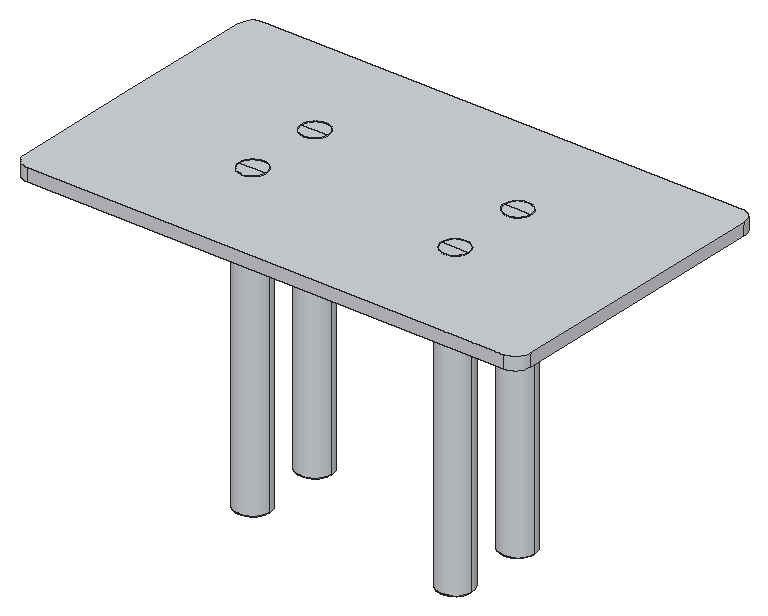
Revit family "BURTON.FLEEK.HIGH.TABLE", category Furniture, Revit 2023
Family settings
  OmniClass Number = 23.40.20.00
  OmniClass Title = General Furniture and Specialties
  Work Plane-Based = No
  Enable Cutting in Views = No
  Always vertical = Yes
  Cut with Voids When Loaded = No
  Render Appearance Source = Family Geometry
  Shared = No
  Room Calculation Point = No
Parameters
  Default Elevation = 0 mm
Reference planes
  plane 1 "Center (Front/Back)": y = 0
  plane 2: z = 0
  plane 3 "Center (Left/Right)": x = 0
Forms (mm)
  Extrusion 1, solid
    sketch origin (0, 0, 0) x (1, 0, 0) y (0, 1, 0)
      loop
        circle (-298.418, 116.023) r 40
      loop
        circle (-298.985, -113.812) r 40
      loop
        circle (301.769, 116.582) r 40
      loop
        circle (301.206, -114.284) r 40
      loop
        line (-750, 0) -> (-750, -395)
        arc (-750, -395) -> (-736.82, -426.82) -> (-705, -440) r 45
        line (-705, -440) -> (705, -440)
        arc (705, -440) -> (736.82, -426.82) -> (750, -395) r 45
        line (750, -395) -> (750, 395)
        arc (750, 395) -> (736.82, 426.82) -> (705, 440) r 45
        line (705, 440) -> (-705, 440)
        arc (-705, 440) -> (-736.82, 426.82) -> (-750, 395) r 45
        line (-750, 395) -> (-750, 0)
    from 863.075 to 900.075
  Revolve 2, solid
    sketch origin (-298.826, 115.639, 0.075) x (1, 0, 0) y (0, 0, 1)
      loop
        line (0, 900) -> (0, 0) -> (47, 0) -> (50, 3) -> (50, 788) -> (50, 858) -> (50, 863) -> (40, 863) -> (40, 900) -> (0, 900)
      axis (0, 900) -> (0, 0)
    angle from 0 to 360
  Revolve 3, solid
    sketch origin (-298.876, -114.387, 0.075) x (1, 0, 0) y (0, 0, 1)
      loop
        line (0, 900) -> (0, 0) -> (47, 0) -> (50, 3) -> (50, 788) -> (50, 858) -> (50, 863) -> (40, 863) -> (40, 900) -> (0, 900)
      axis (0, 900) -> (0, 0)
    angle from 0 to 360
  Revolve 4, solid
    sketch origin (301.898, 116.327, 0) x (1, 0, 0) y (0, 0, 1)
      loop
        line (0, 900) -> (0, 0) -> (47, 0) -> (50, 3) -> (50, 788) -> (50, 858) -> (50, 863) -> (40, 863) -> (40, 900) -> (0, 900)
      axis (0, 900) -> (0, 0)
    angle from 0 to 360
  Revolve 5, solid
    sketch origin (301.544, -114.488, 0) x (1, 0, 0) y (0, 0, 1)
      loop
        line (0, 900) -> (0, 0) -> (47, 0) -> (50, 3) -> (50, 788) -> (50, 858) -> (50, 863) -> (40, 863) -> (40, 900) -> (0, 900)
      axis (0, 900) -> (0, 0)
    angle from 0 to 360
  Extrusion 6, solid
    sketch origin (0, 0, -0.8) x (1, 0, 0) y (0, 0, 1)
      loop
        arc (-420, 863.875) -> (-455.8, 828.075) -> (-420, 792.275) r 35.8
        line (-420, 792.275) -> (420, 792.275)
        arc (420, 792.275) -> (455.8, 828.075) -> (420, 863.875) r 35.8
        line (420, 863.875) -> (-420, 863.875)
    from 95.075 to 129.821
  Extrusion 7, solid
    sketch origin (0, 240.917, 0) x (1, 0, 0) y (0, 0, 1)
      loop
        arc (-420, 863.075) -> (-455.4, 827.675) -> (-420, 792.275) r 35.4
        line (-420, 792.275) -> (420, 792.275)
        arc (420, 792.275) -> (455.4, 827.675) -> (420, 863.075) r 35.4
        line (420, 863.075) -> (-420, 863.075)
    from 109.448 to 145.917
  Extrusion 8, solid, not visible
    sketch origin (0, 0, 0) x (1, 0, 0) y (0, 1, 0)
      loop
        line (-300, -325) -> (300, -325)
        arc (300, -325) -> (529.81, -229.81) -> (625, 0) r 325
        arc (625, 0) -> (529.81, 229.81) -> (300, 325) r 325
        line (300, 325) -> (-300, 325)
        arc (-300, 325) -> (-529.81, 229.81) -> (-625, 0) r 325
        arc (-625, 0) -> (-529.81, -229.81) -> (-300, -325) r 325
      loop
        circle (-298.981, 91.24) r 40
      loop
        circle (-298.985, -89.484) r 40
      loop
        circle (301.769, 91.235) r 40
      loop
        circle (301.769, -89.501) r 40
    from 863.075 to 900.075
  Revolve 9, solid, not visible
    sketch origin (-298.826, 90.639, 0.075) x (1, 0, 0) y (0, 0, 1)
      loop
        line (0, 900) -> (0, 0) -> (47, 0) -> (50, 3) -> (50, 788) -> (50, 858) -> (50, 863) -> (40, 863) -> (40, 900) -> (0, 900)
      axis (0, 900) -> (0, 0)
    angle from 0 to 360
  Revolve 10, solid, not visible
    sketch origin (-298.876, -89.387, 0.075) x (1, 0, 0) y (0, 0, 1)
      loop
        line (0, 900) -> (0, 0) -> (47, 0) -> (50, 3) -> (50, 788) -> (50, 858) -> (50, 863) -> (40, 863) -> (40, 900) -> (0, 900)
      axis (0, 900) -> (0, 0)
    angle from 0 to 360
  Revolve 11, solid, not visible
    sketch origin (301.898, 91.327, 0) x (1, 0, 0) y (0, 0, 1)
      loop
        line (0, 900) -> (0, 0) -> (47, 0) -> (50, 3) -> (50, 788) -> (50, 858) -> (50, 863) -> (40, 863) -> (40, 900) -> (0, 900)
      axis (0, 900) -> (0, 0)
    angle from 0 to 360
  Revolve 12, solid, not visible
    sketch origin (301.544, -89.488, 0) x (1, 0, 0) y (0, 0, 1)
      loop
        line (0, 900) -> (0, 0) -> (47, 0) -> (50, 3) -> (50, 788) -> (50, 858) -> (50, 863) -> (40, 863) -> (40, 900) -> (0, 900)
      axis (0, 900) -> (0, 0)
    angle from 0 to 360
  Extrusion 13, solid, not visible
    sketch origin (0, 0, -0.8) x (1, 0, 0) y (0, 0, 1)
      loop
        arc (-420, 863.875) -> (-455.8, 828.075) -> (-420, 792.275) r 35.8
        line (-420, 792.275) -> (420, 792.275)
        arc (420, 792.275) -> (455.8, 828.075) -> (420, 863.875) r 35.8
        line (420, 863.875) -> (-420, 863.875)
    from 69.997 to 102.594
  Extrusion 14, solid, not visible
    sketch origin (0, 240.917, 0) x (1, 0, 0) y (0, 0, 1)
      loop
        arc (-420, 863.075) -> (-455.4, 827.675) -> (-420, 792.275) r 35.4
        line (-420, 792.275) -> (420, 792.275)
        arc (420, 792.275) -> (455.4, 827.675) -> (420, 863.075) r 35.4
        line (420, 863.075) -> (-420, 863.075)
    from 135.456 to 165.917
  Extrusion 15, solid, not visible
    sketch origin (0, 0, 0) x (1, 0, 0) y (0, 1, 0)
      loop
        circle (-298.418, 116.023) r 40
      loop
        circle (-298.985, -113.812) r 40
      loop
        circle (301.769, 116.582) r 40
      loop
        circle (301.206, -114.284) r 40
      loop
        line (-750, 0) -> (-750, -395)
        arc (-750, -395) -> (-736.82, -426.82) -> (-705, -440) r 45
        line (-705, -440) -> (705, -440)
        arc (705, -440) -> (736.82, -426.82) -> (750, -395) r 45
        line (750, -395) -> (750, 395)
        arc (750, 395) -> (736.82, 426.82) -> (705, 440) r 45
        line (705, 440) -> (-705, 440)
        arc (-705, 440) -> (-736.82, 426.82) -> (-750, 395) r 45
        line (-750, 395) -> (-750, 0)
    from 863.075 to 900.075
  Revolve 16, solid, not visible
    sketch origin (-298.826, 115.639, 0.075) x (1, 0, 0) y (0, 0, 1)
      loop
        line (0, 900) -> (0, 0) -> (47, 0) -> (50, 3) -> (50, 788) -> (50, 858) -> (50, 863) -> (40, 863) -> (40, 900) -> (0, 900)
      axis (0, 900) -> (0, 0)
    angle from 0 to 360
  Revolve 17, solid, not visible
    sketch origin (-298.876, -114.387, 0.075) x (1, 0, 0) y (0, 0, 1)
      loop
        line (0, 900) -> (0, 0) -> (47, 0) -> (50, 3) -> (50, 788) -> (50, 858) -> (50, 863) -> (40, 863) -> (40, 900) -> (0, 900)
      axis (0, 900) -> (0, 0)
    angle from 0 to 360
  Revolve 18, solid, not visible
    sketch origin (301.898, 116.327, 0) x (1, 0, 0) y (0, 0, 1)
      loop
        line (0, 900) -> (0, 0) -> (47, 0) -> (50, 3) -> (50, 788) -> (50, 858) -> (50, 863) -> (40, 863) -> (40, 900) -> (0, 900)
      axis (0, 900) -> (0, 0)
    angle from 0 to 360
  Revolve 19, solid, not visible
    sketch origin (301.544, -114.488, 0) x (1, 0, 0) y (0, 0, 1)
      loop
        line (0, 900) -> (0, 0) -> (47, 0) -> (50, 3) -> (50, 788) -> (50, 858) -> (50, 863) -> (40, 863) -> (40, 900) -> (0, 900)
      axis (0, 900) -> (0, 0)
    angle from 0 to 360
  Extrusion 20, solid, not visible
    sketch origin (0, 0, -0.8) x (1, 0, 0) y (0, 0, 1)
      loop
        arc (-420, 863.875) -> (-455.8, 828.075) -> (-420, 792.275) r 35.8
        line (-420, 792.275) -> (420, 792.275)
        arc (420, 792.275) -> (455.8, 828.075) -> (420, 863.875) r 35.8
        line (420, 863.875) -> (-420, 863.875)
    from 95.075 to 129.821
  Extrusion 21, solid, not visible
    sketch origin (0, 240.917, 0) x (1, 0, 0) y (0, 0, 1)
      loop
        arc (-420, 863.075) -> (-455.4, 827.675) -> (-420, 792.275) r 35.4
        line (-420, 792.275) -> (420, 792.275)
        arc (420, 792.275) -> (455.4, 827.675) -> (420, 863.075) r 35.4
        line (420, 863.075) -> (-420, 863.075)
    from 109.448 to 145.917
Dimensions and locks
  aligned and locked: level to plane 2
